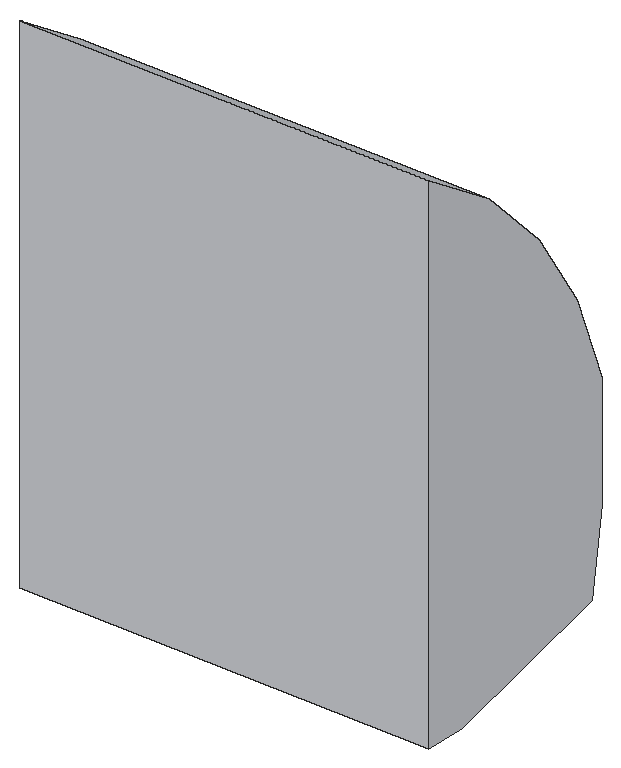
Revit family "DAN DRYER Stainless Design Mini Design 280", category Furniture Systems, host Wall, Revit 2017
Family settings
  Host = Wall
  Round Connector Dimension = Use Diameter
  Part Type = Normal
  Always vertical = Yes
  Cut with Voids When Loaded = No
  Shared = No
  Room Calculation Point = No
Parameters (values of type "Stål")
  Wicth = 304 mm
  URL = "http://www.dandryer.com/Files/Billeder/PDF/Datablade/Nye/Technical%20data%20sheet%20280.pdf"
  Type Image = <None>
  Offset from Floor = 1500 mm
  Model = "Stainless design"
  Manufacturer = "http://www.dandryer.com/"
  Height = 378 mm
  Description = "WARM-AIR HAND DRYER with IR sensor, type AE DESIGN, Art. no. 280"
  Cost = 0
Reference planes
  plane 1 "Wall": y = 0
  plane 2 "Center (Left/Right)": x = 125
  plane 3 "Back": y = 75
  plane 4 "Top": z = 1500
  plane 5 "Bund": z = 1122
  plane 6: x = 277
  plane 7: x = -27
Forms (mm)
  Extrusion 1, solid
    sketch origin (125, 0, 0) x (0, 1, 0) y (0, 0, 1)
      loop
        line (75, 1122) -> (105, 1122) -> (225.741, 1154.352) -> (235.127, 1213.614) -> (235.127, 1298.2)
        arc (235.127, 1298.2) -> (176.486, 1416.099) -> (75, 1500) r 317.01
        line (75, 1500) -> (75, 1122)
    from -152 to 152
  Extrusion 2, void
    sketch origin (118.75, 105, 1122) x (0, -0.965926, -0.258819) y (1, 0, 0)
      loop
        line (-17.596, -81.466) -> (-31.155, -81.466)
        arc (-31.155, -81.466) -> (-34.972, -85.283) -> (-31.155, -89.1) r 3.817
        line (-31.155, -89.1) -> (-17.596, -89.1)
        arc (-17.596, -89.1) -> (-13.779, -85.283) -> (-17.596, -81.466) r 3.817
      loop
        circle (-69.93, 113.393) r 25
      loop
        line (-17.596, -60.092) -> (-31.155, -60.092)
        arc (-31.155, -60.092) -> (-34.972, -63.909) -> (-31.155, -67.726) r 3.817
        line (-31.155, -67.726) -> (-17.596, -67.726)
        arc (-17.596, -67.726) -> (-13.779, -63.909) -> (-17.596, -60.092) r 3.817
      loop
        line (-17.596, -38.718) -> (-31.155, -38.718)
        arc (-31.155, -38.718) -> (-34.972, -42.535) -> (-31.155, -46.352) r 3.817
        line (-31.155, -46.352) -> (-17.596, -46.352)
        arc (-17.596, -46.352) -> (-13.779, -42.535) -> (-17.596, -38.718) r 3.817
      loop
        line (-17.596, -17.344) -> (-31.155, -17.344)
        arc (-31.155, -17.344) -> (-34.972, -21.161) -> (-31.155, -24.978) r 3.817
        line (-31.155, -24.978) -> (-17.596, -24.978)
        arc (-17.596, -24.978) -> (-13.779, -21.161) -> (-17.596, -17.344) r 3.817
      loop
        line (-17.596, 4.03) -> (-31.155, 4.03)
        arc (-31.155, 4.03) -> (-34.972, 0.213) -> (-31.155, -3.604) r 3.817
        line (-31.155, -3.604) -> (-17.596, -3.604)
        arc (-17.596, -3.604) -> (-13.779, 0.213) -> (-17.596, 4.03) r 3.817
      loop
        line (-17.596, 25.404) -> (-31.155, 25.404)
        arc (-31.155, 25.404) -> (-34.972, 21.587) -> (-31.155, 17.77) r 3.817
        line (-31.155, 17.77) -> (-17.596, 17.77)
        arc (-17.596, 17.77) -> (-13.779, 21.587) -> (-17.596, 25.404) r 3.817
      loop
        line (-17.596, 46.778) -> (-31.155, 46.778)
        arc (-31.155, 46.778) -> (-34.972, 42.961) -> (-31.155, 39.144) r 3.817
        line (-31.155, 39.144) -> (-17.596, 39.144)
        arc (-17.596, 39.144) -> (-13.779, 42.961) -> (-17.596, 46.778) r 3.817
      loop
        line (-17.596, 68.152) -> (-31.155, 68.152)
        arc (-31.155, 68.152) -> (-34.972, 64.335) -> (-31.155, 60.518) r 3.817
        line (-31.155, 60.518) -> (-17.596, 60.518)
        arc (-17.596, 60.518) -> (-13.779, 64.335) -> (-17.596, 68.152) r 3.817
      loop
        line (-17.596, 89.526) -> (-31.155, 89.526)
        arc (-31.155, 89.526) -> (-34.972, 85.709) -> (-31.155, 81.892) r 3.817
        line (-31.155, 81.892) -> (-17.596, 81.892)
        arc (-17.596, 81.892) -> (-13.779, 85.709) -> (-17.596, 89.526) r 3.817
      loop
        line (-17.596, 110.9) -> (-31.155, 110.9)
        arc (-31.155, 110.9) -> (-34.972, 107.083) -> (-31.155, 103.267) r 3.817
        line (-31.155, 103.267) -> (-17.596, 103.267)
        arc (-17.596, 103.267) -> (-13.779, 107.083) -> (-17.596, 110.9) r 3.817
      loop
        circle (-76.191, 59.272) r 15.514
    from 0 to 5
  Extrusion 3, solid
    sketch origin (125, 105, 1122) x (0, 0.965926, 0.258819) y (1, 0, 0)
      loop
        line (44.918, 107.164) -> (94.87, 107.164)
        arc (94.87, 107.164) -> (94.805, 108.968) -> (94.609, 110.763) r 24.976
        line (94.609, 110.763) -> (45.179, 110.763)
        arc (45.179, 110.763) -> (44.983, 108.968) -> (44.918, 107.164) r 24.976
      loop
        line (49.9, 122.132) -> (89.888, 122.132)
        arc (89.888, 122.132) -> (88.315, 124.03) -> (86.563, 125.763) r 24.976
        line (86.563, 125.763) -> (53.225, 125.763)
        arc (53.225, 125.763) -> (51.473, 124.03) -> (49.9, 122.132) r 24.976
      loop
        line (90.843, 120.763) -> (48.945, 120.763)
        arc (48.945, 120.763) -> (47.904, 119.006) -> (47.01, 117.17) r 24.976
        line (47.01, 117.17) -> (92.778, 117.17)
        arc (92.778, 117.17) -> (91.884, 119.006) -> (90.843, 120.763) r 24.976
      loop
        line (45.422, 112.158) -> (94.366, 112.158)
        arc (94.366, 112.158) -> (93.922, 113.98) -> (93.343, 115.763) r 24.976
        line (93.343, 115.763) -> (46.445, 115.763)
        arc (46.445, 115.763) -> (45.866, 113.98) -> (45.422, 112.158) r 24.976
      loop
        line (54.805, 127.067) -> (84.982, 127.067)
        arc (84.982, 127.067) -> (69.894, 132.14) -> (54.805, 127.067) r 24.976
      loop
        arc (51.043, 90.763) -> (53.004, 88.743) -> (55.18, 86.957) r 25
        line (55.18, 86.957) -> (84.679, 86.957)
        arc (84.679, 86.957) -> (86.855, 88.743) -> (88.817, 90.763) r 25
        line (88.817, 90.763) -> (51.043, 90.763)
      loop
        arc (89.826, 92.005) -> (91.092, 93.831) -> (92.19, 95.763) r 25
        line (92.19, 95.763) -> (47.67, 95.763)
        arc (47.67, 95.763) -> (48.768, 93.831) -> (50.034, 92.005) r 25
        line (50.034, 92.005) -> (89.826, 92.005)
      loop
        arc (45.742, 100.823) -> (46.321, 98.92) -> (47.05, 97.068) r 25
        line (47.05, 97.068) -> (92.81, 97.068)
        arc (92.81, 97.068) -> (93.539, 98.92) -> (94.118, 100.823) r 25
        line (94.118, 100.823) -> (45.742, 100.823)
      loop
        arc (94.424, 102.14) -> (94.725, 103.946) -> (94.892, 105.769) r 25
        line (94.892, 105.769) -> (44.968, 105.769)
        arc (44.968, 105.769) -> (45.135, 103.946) -> (45.436, 102.14) r 25
        line (45.436, 102.14) -> (94.424, 102.14)
      loop
        arc (56.971, 85.763) -> (69.93, 82.143) -> (82.888, 85.763) r 25
        line (82.888, 85.763) -> (56.971, 85.763)
      loop
        circle (69.894, 107.404) r 26.725
    from 0 to 4.902
Cuts and joins
  Extrusion 2 cuts Extrusion 1
Text (mm)
  text "Placement Side" at (-1848.837, 1116.779, 0), in view "Ref. Level"
  text "Placement side" at (0, 1409.804, 2854.306), in view "Left"
  text "Placement side" at (0, 499.811, 2980.732), in view "Right"
Dimensions and locks
  locked: plane 3 "Back" to host wall
  "Height": plane 5 "Bund" to plane 4 "Top"
  equal spacing: plane 7, plane 2 "Center (Left/Right)", plane 6
  "Wicth": plane 7 to plane 6
  "Offset from Floor": level to plane 4 "Top"
  aligned and locked: plane 1 "Wall" to host wall
  aligned and locked: Extrusion 1 sketch curve to host wall
  aligned and locked: plane 7 to Extrusion 1
  aligned and locked: Extrusion 1 to plane 6
Automatic sketch dimensions
  Extrusion 1 to Extrusion 2 sketch curve = 48.809 mm
  Extrusion 2 sketch curve to Extrusion 2 sketch curve = 6.261 mm
  Extrusion 1 to Extrusion 2 sketch curve = 31.155 mm  (x2)
  Extrusion 2 sketch curve to Extrusion 2 sketch curve = 0 mm  (x8)
  Extrusion 2 sketch curve to Extrusion 2 sketch curve = 13.559 mm  (x10)
  Extrusion 2 sketch curve to Extrusion 1 = 56.65 mm
  Extrusion 2 sketch curve to Extrusion 2 sketch curve = 3.817 mm  (x10)
  Extrusion 2 sketch curve to Extrusion 2 sketch curve = 13.74 mm  (x9)
  Extrusion 2 sketch curve to Extrusion 2 sketch curve = 12.494 mm
  Extrusion 2 sketch curve to Extrusion 2 sketch curve = 2.492 mm
  Extrusion 3 sketch curve to Extrusion 3 sketch curve = 0 mm  (x32)
  Extrusion 3 sketch curve to Extrusion 1 = 44.918 mm
  Extrusion 3 sketch curve to Extrusion 3 sketch curve = 0.05 mm
  Extrusion 3 sketch curve to Extrusion 3 sketch curve = 0.261 mm  (x2)
  Extrusion 3 sketch curve to Extrusion 3 sketch curve = 0.244 mm  (x2)
  Extrusion 3 sketch curve to Extrusion 3 sketch curve = 0.468 mm
  Extrusion 3 sketch curve to Extrusion 3 sketch curve = 0.306 mm  (x2)
  Extrusion 3 sketch curve to Extrusion 3 sketch curve = 1.023 mm
  Extrusion 3 sketch curve to Extrusion 3 sketch curve = 0.565 mm  (x2)
  Extrusion 3 sketch curve to Extrusion 3 sketch curve = 1.308 mm
  Extrusion 3 sketch curve to Extrusion 3 sketch curve = 0.62 mm  (x2)
  Extrusion 3 sketch curve to Extrusion 3 sketch curve = 1.935 mm
  Extrusion 3 sketch curve to Extrusion 3 sketch curve = 0.955 mm  (x2)
  Extrusion 3 sketch curve to Extrusion 3 sketch curve = 2.364 mm
  Extrusion 3 sketch curve to Extrusion 3 sketch curve = 1.009 mm  (x2)
  Extrusion 3 sketch curve to Extrusion 3 sketch curve = 3.324 mm
  Extrusion 3 sketch curve to Extrusion 3 sketch curve = 1.581 mm  (x2)
  Extrusion 3 sketch curve to Extrusion 3 sketch curve = 4.137 mm
  Extrusion 3 sketch curve to Extrusion 3 sketch curve = 1.791 mm  (x2)
  Extrusion 3 sketch curve to Extrusion 3 sketch curve = 24.926 mm
  Extrusion 3 sketch curve to Extrusion 3 sketch curve = 0.036 mm
  Extrusion 1 to Extrusion 3 sketch curve = 66.237 mm
  Extrusion 3 sketch curve to Extrusion 3 sketch curve = 1.194 mm
  Extrusion 3 sketch curve to Extrusion 3 sketch curve = 3.806 mm
  Extrusion 3 sketch curve to Extrusion 3 sketch curve = 1.242 mm
  Extrusion 3 sketch curve to Extrusion 3 sketch curve = 1.305 mm
  Extrusion 3 sketch curve to Extrusion 3 sketch curve = 1.317 mm
  Extrusion 3 sketch curve to Extrusion 3 sketch curve = 0.021 mm
  Extrusion 3 sketch curve to Extrusion 3 sketch curve = 1.395 mm
  Extrusion 3 sketch curve to Extrusion 3 sketch curve = 1.407 mm
  Extrusion 3 sketch curve to Extrusion 3 sketch curve = 1.369 mm
  Extrusion 3 sketch curve to Extrusion 3 sketch curve = 1.304 mm
  Extrusion 1 sketch curve to plane 5 "Bund" = 0 mm
  Extrusion 1 sketch curve to plane 4 "Top" = 0 mm
  Extrusion 1 sketch curve to host wall = 3.156 mm
  Extrusion 1 sketch curve to Extrusion 1 sketch curve = 30 mm
  plane 5 "Bund" to Extrusion 1 sketch curve = 32.352 mm
  Extrusion 1 sketch curve to Extrusion 1 sketch curve = 120.741 mm
  Extrusion 1 sketch curve to Extrusion 1 sketch curve = 9.386 mm
  Extrusion 1 sketch curve to Extrusion 1 sketch curve = 59.261 mm
  plane 5 "Bund" to Extrusion 1 sketch curve = 97.051 mm
  radius of Extrusion 2 sketch curve = 25 mm
  radius of Extrusion 2 sketch curve = 15.514 mm
  radius of Extrusion 3 sketch curve = 26.725 mm
